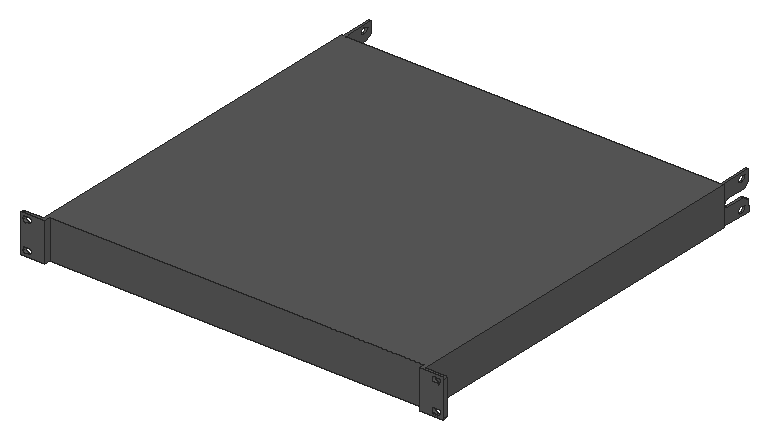
Revit family "D series - 1u", category Communication Devices, Revit 2020
Family settings
  Maintain Annotation Orientation = No
  Round Connector Dimension = Use Diameter
  Part Type = Normal
  Work Plane-Based = No
  Always vertical = Yes
  Cut with Voids When Loaded = No
  Shared = No
  Room Calculation Point = No
Parameters
  Weight (kg) [instance] = 8.3  # constant formula
  Voltage [instance] = "100-240VAC"  # constant formula
  Thermal Load in Standby (BTU/hr) [instance] = 25  # constant formula
  Thermal Load Max (BTU/hr) [instance] = 986  # constant formula
  Model = "D40:4L, D20:4L, D10:4L"
  Manufacturer = "Lab Gruppen"
  Default Elevation = 0 mm
  Current Draw (Max) [instance] = 7.5  # constant formula
Reference planes
  plane 1 "Center (Front/Back)": y = 0
  plane 2: z = 0
  plane 3 "Center (Left/Right)": x = 0
Forms (mm)
  Extrusion 1, solid, material "Aluminium, Black"
    sketch origin (0, 0, 0) x (1, 0, 0) y (0, 0, 1)
      loop
        line (217.6, 0) -> (217.6, 43.6) -> (-217.6, 43.6) -> (-217.6, 0) -> (217.6, 0)
    from -3.7 to -425
  Extrusion 2, solid, material "Aluminium, Black"
    sketch origin (0, 0, 0) x (1, 0, 0) y (0, 0, 1)
      loop
        line (213, 0) -> (239.3, 0)
        arc (239.3, 0) -> (240.714, 0.586) -> (241.3, 2) r 2
        line (241.3, 2) -> (241.3, 41.6)
        arc (241.3, 41.6) -> (240.714, 43.014) -> (239.3, 43.6) r 2
        line (239.3, 43.6) -> (213, 43.6) -> (213, 0)
    from 0 to 3.2
  Extrusion 3, solid, material "Aluminium, Black"
    sketch origin (0, 0, 0) x (1, 0, 0) y (0, 0, 1)
      loop
        line (213, 0) -> (217.6, 0) -> (217.6, 43.6) -> (213, 43.6) -> (213, 0)
    from 0 to -3.7
  Extrusion 4, void
    sketch origin (0, 0, 0) x (1, 0, 0) y (0, 0, 1)
      loop
        arc (231.4, 41.2) -> (227.9, 37.7) -> (231.4, 34.2) r 3.5
        line (231.4, 34.2) -> (234.4, 34.2)
        arc (234.4, 34.2) -> (237.9, 37.7) -> (234.4, 41.2) r 3.5
        line (234.4, 41.2) -> (231.4, 41.2)
    from 0 to 3.2
  Extrusion 5, void
    sketch origin (0, 0, 43.6) x (1, 0, 0) y (0, 0, 1)
      loop
        line (231.4, -41.2) -> (234.4, -41.2)
        arc (234.4, -41.2) -> (237.9, -37.7) -> (234.4, -34.2) r 3.5
        line (234.4, -34.2) -> (231.4, -34.2)
        arc (231.4, -34.2) -> (227.9, -37.7) -> (231.4, -41.2) r 3.5
    from 0 to 3.2
  Extrusion 6, solid, material "Aluminium, Black"
    sketch origin (0, 0, 0) x (-1, 0, 0) y (0, 0, -1)
      loop
        line (213, 0) -> (213, -43.6) -> (239.3, -43.6)
        arc (239.3, -43.6) -> (240.714, -43.014) -> (241.3, -41.6) r 2
        line (241.3, -41.6) -> (241.3, -2)
        arc (241.3, -2) -> (240.714, -0.586) -> (239.3, 0) r 2
        line (239.3, 0) -> (213, 0)
    from 0 to 3.2
  Extrusion 7, solid, material "Aluminium, Black"
    sketch origin (0, 0, 0) x (-1, 0, 0) y (0, 0, -1)
      loop
        line (213, 0) -> (213, -43.6) -> (217.6, -43.6) -> (217.6, 0) -> (213, 0)
    from 0 to -3.7
  Extrusion 8, void
    sketch origin (0, 0, 0) x (-1, 0, 0) y (0, 0, -1)
      loop
        line (231.4, -41.2) -> (234.4, -41.2)
        arc (234.4, -41.2) -> (237.9, -37.7) -> (234.4, -34.2) r 3.5
        line (234.4, -34.2) -> (231.4, -34.2)
        arc (231.4, -34.2) -> (227.9, -37.7) -> (231.4, -41.2) r 3.5
    from 0 to 3.2
  Extrusion 9, void
    sketch origin (0, 0, 43.6) x (-1, 0, 0) y (0, 0, -1)
      loop
        arc (231.4, 41.2) -> (227.9, 37.7) -> (231.4, 34.2) r 3.5
        line (231.4, 34.2) -> (234.4, 34.2)
        arc (234.4, 34.2) -> (237.9, 37.7) -> (234.4, 41.2) r 3.5
        line (234.4, 41.2) -> (231.4, 41.2)
    from 0 to 3.2
  Extrusion 10, solid, material "Aluminium, Black"
    sketch origin (0, 425, 0) x (-1, 0, 0) y (0, 0, 1)
      loop
        line (-216.2, 0) -> (-213.7, 0) -> (-213.7, 43.6) -> (-216.2, 43.6) -> (-216.2, 0)
    from 0 to 36
  Extrusion 11, solid, material "Aluminium, Black"
    sketch origin (0, 425, 0) x (-1, 0, 0) y (0, 0, 1)
      loop
        line (216.2, 0) -> (216.2, 43.6) -> (213.749, 43.6) -> (213.749, 0) -> (216.2, 0)
    from 0 to 36
  Extrusion 12, void
    sketch origin (216.2, 425, 43.6) x (0, 0, -1) y (0, 1, 0)
      loop
        arc (2.4, 25) -> (5.9, 21.5) -> (9.4, 25) r 3.5
        line (9.4, 25) -> (9.4, 28)
        arc (9.4, 28) -> (5.9, 31.5) -> (2.4, 28) r 3.5
        line (2.4, 28) -> (2.4, 25)
    from 0 to -2.5
  Extrusion 13, void
    sketch origin (216.2, 425, 43.6) x (0, 0, -1) y (0, 1, 0)
      loop
        arc (34.2, 25) -> (37.7, 21.5) -> (41.2, 25) r 3.5
        line (41.2, 25) -> (41.2, 28)
        arc (41.2, 28) -> (37.7, 31.5) -> (34.2, 28) r 3.5
        line (34.2, 28) -> (34.2, 25)
    from 0 to -2.5
  Extrusion 14, void
    sketch origin (216.2, 425, 43.6) x (0, 0, -1) y (0, 1, 0)
      loop
        line (30.091, 36) -> (13.509, 36) -> (17.55, 29) -> (17.55, 6)
        arc (17.55, 6) -> (21.8, 1.75) -> (26.05, 6) r 4.25
        line (26.05, 6) -> (26.05, 29) -> (30.091, 36)
    from 0 to -2.5
  Extrusion 15, void
    sketch origin (-216.2, 425, 43.6) x (0, 0, -1) y (0, -1, 0)
      loop
        arc (2.4, -28) -> (5.9, -31.5) -> (9.4, -28) r 3.5
        line (9.4, -28) -> (9.4, -25)
        arc (9.4, -25) -> (5.9, -21.5) -> (2.4, -25) r 3.5
        line (2.4, -25) -> (2.4, -28)
    from 0 to -2.5
  Extrusion 16, void
    sketch origin (-216.2, 425, 43.6) x (0, 0, -1) y (0, -1, 0)
      loop
        arc (34.2, -28) -> (37.7, -31.5) -> (41.2, -28) r 3.5
        line (41.2, -28) -> (41.2, -25)
        arc (41.2, -25) -> (37.7, -21.5) -> (34.2, -25) r 3.5
        line (34.2, -25) -> (34.2, -28)
    from 0 to -2.5
  Extrusion 17, void
    sketch origin (-216.2, 425, 43.6) x (0, 0, -1) y (0, -1, 0)
      loop
        line (13.509, -36) -> (30.091, -36) -> (26.05, -29) -> (26.05, -6)
        arc (26.05, -6) -> (21.8, -1.75) -> (17.55, -6) r 4.25
        line (17.55, -6) -> (17.55, -29) -> (13.509, -36)
    from 0 to -2.5
Cuts and joins
  Extrusion 12, Extrusion 13, Extrusion 14, Extrusion 15, Extrusion 16, Extrusion 17 cuts Extrusion 1
  Extrusion 4, Extrusion 5, Extrusion 8, Extrusion 9, Extrusion 12, Extrusion 13, Extrusion 14, Extrusion 15, Extrusion 16, Extrusion 17 cuts Extrusion 2
  Extrusion 4, Extrusion 5, Extrusion 8, Extrusion 9, Extrusion 12, Extrusion 13, Extrusion 14, Extrusion 15, Extrusion 16, Extrusion 17 cuts Extrusion 3
  Extrusion 8, Extrusion 9, Extrusion 12, Extrusion 13, Extrusion 14, Extrusion 15, Extrusion 16, Extrusion 17 cuts Extrusion 6
  Extrusion 12, Extrusion 13, Extrusion 14, Extrusion 15, Extrusion 16, Extrusion 17 cuts Extrusion 7
  Extrusion 12, Extrusion 13, Extrusion 14, Extrusion 15, Extrusion 16, Extrusion 17 cuts Extrusion 10
  Extrusion 12, Extrusion 13, Extrusion 14, Extrusion 15, Extrusion 16, Extrusion 17 cuts Extrusion 11
  joined: Extrusion 1, Extrusion 2, Extrusion 3, Extrusion 6, Extrusion 7, Extrusion 10, Extrusion 11
Lines and regions (mm)
  Split face 1
    outline origin (213, 3.7, 0) x (1, 0, 0) y (0, 0, 1)
      loop
        line (0, 10.3) -> (-6.2, 10.3)
        arc (-6.2, 10.3) -> (-10.655, 12.145) -> (-12.5, 16.6) r 6.3
        line (-12.5, 16.6) -> (-12.5, 27)
        arc (-12.5, 27) -> (-10.655, 31.455) -> (-6.2, 33.3) r 6.3
        line (-6.2, 33.3) -> (0, 33.3)
  Split face 2
    outline origin (213, 3.7, 0) x (1, 0, 0) y (0, 0, 1)
      loop
        line (-18, 43.6) -> (-18, 0)
  Split face 3
    outline origin (213, 3.7, 0) x (1, 0, 0) y (0, 0, 1)
      loop
        line (-408, 43.6) -> (-408, 0)
  Split face 4
    outline origin (213, 3.7, 0) x (1, 0, 0) y (0, 0, 1)
      loop
        line (-426, 10.3) -> (-419.8, 10.3)
        arc (-419.8, 10.3) -> (-415.345, 12.145) -> (-413.5, 16.6) r 6.3
        line (-413.5, 16.6) -> (-413.5, 27)
        arc (-413.5, 27) -> (-415.345, 31.455) -> (-419.8, 33.3) r 6.3
        line (-419.8, 33.3) -> (-426, 33.3)
  Split face 5
    outline origin (213, 3.7, 0) x (1, 0, 0) y (0, 0, 1)
      loop
        line (-378.411, 27.4) -> (-378.411, 16.2) -> (-323, 16.2) -> (-323, 27.4) -> (-378.411, 27.4)
  Split face 6
    outline origin (213, 3.7, 0) x (1, 0, 0) y (0, 0, 1)
      loop
        line (-103, 27.4) -> (-103, 16.2) -> (-47.619, 16.2) -> (-47.619, 27.4) -> (-103, 27.4)
  Split face 7
    outline origin (213, 3.7, 0) x (1, 0, 0) y (0, 0, 1)
      loop
        line (-293.4, 41) -> (-293.4, 2.6) -> (-132.6, 2.6) -> (-132.6, 41) -> (-293.4, 41)
  Split face 8
    outline origin (213, 3.7, 0) x (1, 0, 0) y (0, 0, 1)
      loop
        arc (-275.15, 38.55) -> (-279.605, 36.705) -> (-281.45, 32.25) r 6.3
        line (-281.45, 32.25) -> (-281.45, 11.35)
        arc (-281.45, 11.35) -> (-279.605, 6.895) -> (-275.15, 5.05) r 6.3
        line (-275.15, 5.05) -> (-150.85, 5.05)
        arc (-150.85, 5.05) -> (-146.395, 6.895) -> (-144.55, 11.35) r 6.3
        line (-144.55, 11.35) -> (-144.55, 32.25)
        arc (-144.55, 32.25) -> (-146.395, 36.705) -> (-150.85, 38.55) r 6.3
        line (-150.85, 38.55) -> (-275.15, 38.55)
  Split face 9
    outline origin (213, 3.7, 0) x (1, 0, 0) y (0, 0, 1)
      loop
        arc (-278.3, 11.5) -> (-277.333, 9.166) -> (-275, 8.2) r 3.3
        line (-275, 8.2) -> (-151, 8.2)
        arc (-151, 8.2) -> (-148.666, 9.167) -> (-147.7, 11.5) r 3.3
        line (-147.7, 11.5) -> (-147.7, 32.1)
        arc (-147.7, 32.1) -> (-148.666, 34.433) -> (-151, 35.4) r 3.3
        line (-151, 35.4) -> (-275.15, 35.4)
        arc (-275.15, 35.4) -> (-277.386, 34.381) -> (-278.3, 32.1) r 3.304
        line (-278.3, 32.1) -> (-278.3, 11.5)
  Split face 10
    outline origin (213, 3.7, 0) x (1, 0, 0) y (0, 0, 1)
      loop
        arc (-267.684, 11.683) -> (-266.751, 9.432) -> (-264.5, 8.499) r 3.184
        line (-264.5, 8.499) -> (-257.5, 8.499)
        arc (-257.5, 8.499) -> (-255.249, 9.432) -> (-254.316, 11.683) r 3.184
        line (-254.316, 11.683) -> (-254.316, 16.183)
        arc (-254.316, 16.183) -> (-255.249, 18.434) -> (-257.5, 19.367) r 3.184
        line (-257.5, 19.367) -> (-264.5, 19.367)
        arc (-264.5, 19.367) -> (-266.754, 18.402) -> (-267.684, 16.132) r 3.235
        line (-267.684, 16.132) -> (-267.684, 11.683)
  Split face 11
    outline origin (213, 3.7, 0.283) x (1, 0, 0) y (0, 0, 1)
      loop
        arc (-242.651, 11.4) -> (-241.719, 9.149) -> (-239.467, 8.216) r 3.184
        line (-239.467, 8.216) -> (-232.468, 8.216)
        arc (-232.468, 8.216) -> (-230.216, 9.149) -> (-229.284, 11.4) r 3.184
        line (-229.284, 11.4) -> (-229.284, 15.9)
        arc (-229.284, 15.9) -> (-230.216, 18.151) -> (-232.468, 19.084) r 3.184
        line (-232.468, 19.084) -> (-239.467, 19.084)
        arc (-239.467, 19.084) -> (-241.722, 18.118) -> (-242.651, 15.849) r 3.235
        line (-242.651, 15.849) -> (-242.651, 11.4)
  Split face 12
    outline origin (213, 3.7, 0.283) x (1, 0, 0) y (0, 0, 1)
      loop
        arc (-223.684, 11.4) -> (-222.751, 9.149) -> (-220.5, 8.216) r 3.184
        line (-220.5, 8.216) -> (-213.5, 8.216)
        arc (-213.5, 8.216) -> (-211.249, 9.149) -> (-210.317, 11.4) r 3.184
        line (-210.317, 11.4) -> (-210.317, 15.9)
        arc (-210.317, 15.9) -> (-211.249, 18.151) -> (-213.501, 19.084) r 3.184
        line (-213.501, 19.084) -> (-220.5, 19.084)
        arc (-220.5, 19.084) -> (-222.754, 18.118) -> (-223.684, 15.849) r 3.235
        line (-223.684, 15.849) -> (-223.684, 11.4)
  Split face 13
    outline origin (213, 3.7, 0.283) x (1, 0, 0) y (0, 0, 1)
      loop
        arc (-204.683, 11.4) -> (-203.751, 9.149) -> (-201.5, 8.216) r 3.184
        line (-201.5, 8.216) -> (-194.5, 8.216)
        arc (-194.5, 8.216) -> (-192.249, 9.149) -> (-191.316, 11.4) r 3.184
        line (-191.316, 11.4) -> (-191.316, 15.9)
        arc (-191.316, 15.9) -> (-192.249, 18.151) -> (-194.5, 19.084) r 3.184
        line (-194.5, 19.084) -> (-201.5, 19.084)
        arc (-201.5, 19.084) -> (-203.754, 18.118) -> (-204.683, 15.849) r 3.235
        line (-204.683, 15.849) -> (-204.683, 11.4)
  Split face 14
    outline origin (213, 3.7, 0.283) x (1, 0, 0) y (0, 0, 1)
      loop
        arc (-185.684, 11.4) -> (-184.751, 9.149) -> (-182.5, 8.216) r 3.184
        line (-182.5, 8.216) -> (-175.5, 8.216)
        arc (-175.5, 8.216) -> (-173.249, 9.149) -> (-172.316, 11.4) r 3.184
        line (-172.316, 11.4) -> (-172.316, 15.9)
        arc (-172.316, 15.9) -> (-173.249, 18.151) -> (-175.5, 19.084) r 3.184
        line (-175.5, 19.084) -> (-182.5, 19.084)
        arc (-182.5, 19.084) -> (-184.754, 18.118) -> (-185.684, 15.849) r 3.235
        line (-185.684, 15.849) -> (-185.684, 11.4)
  Split face 15
    outline origin (213, 3.7, 0) x (1, 0, 0) y (0, 0, 1)
      loop
        arc (-161.366, 11.683) -> (-160.434, 9.432) -> (-158.183, 8.499) r 3.184
        line (-158.183, 8.499) -> (-151.183, 8.499)
        arc (-151.183, 8.499) -> (-148.932, 9.432) -> (-147.999, 11.683) r 3.184
        line (-147.999, 11.683) -> (-147.999, 16.183)
        arc (-147.999, 16.183) -> (-148.932, 18.434) -> (-151.183, 19.367) r 3.184
        line (-151.183, 19.367) -> (-158.183, 19.367)
        arc (-158.183, 19.367) -> (-160.437, 18.402) -> (-161.366, 16.132) r 3.235
        line (-161.366, 16.132) -> (-161.366, 11.683)
  Split face 16
    outline origin (213, 425, 0) x (-1, 0, 0) y (0, 0, 1)
      loop
        arc (383.085, 35.597) -> (378.49, 33.694) -> (376.586, 29.098) r 6.5
        line (376.586, 29.098) -> (376.586, 17.898)
        arc (376.586, 17.898) -> (378.49, 13.302) -> (383.086, 11.398) r 6.5
        line (383.086, 11.398) -> (402.086, 11.398)
        arc (402.086, 11.398) -> (406.696, 13.453) -> (408.586, 18.133) r 6.739
        line (408.586, 18.133) -> (408.586, 29.097)
        arc (408.586, 29.097) -> (406.682, 33.694) -> (402.086, 35.597) r 6.5
        line (402.086, 35.597) -> (383.085, 35.597)
  Split face 17
    outline origin (213, 425, 0) x (-1, 0, 0) y (0, 0, 1)
      loop
        arc (380.386, 18.4) -> (381.353, 16.135) -> (383.633, 15.2) r 3.247
        line (383.633, 15.2) -> (401.586, 15.2)
        arc (401.586, 15.2) -> (403.839, 16.142) -> (404.772, 18.4) r 3.2
        line (404.772, 18.4) -> (404.772, 27) -> (399.972, 31.8) -> (385.2, 31.8) -> (380.386, 27) -> (380.386, 18.4)
  Split face 18
    outline origin (213, 425, 0) x (-1, 0, 0) y (0, 0, 1)
      loop
        line (384.586, 23.6) -> (384.586, 19.6) -> (386.586, 19.6) -> (386.586, 23.6) -> (384.586, 23.6)
  Split face 19
    outline origin (213, 425, 0) x (-1, 0, 0) y (0, 0, 1)
      loop
        line (391.586, 27.6) -> (391.586, 23.6) -> (393.586, 23.6) -> (393.586, 27.6) -> (391.586, 27.6)
  Split face 20
    outline origin (213, 425, 0) x (-1, 0, 0) y (0, 0, 1)
      loop
        line (398.586, 23.6) -> (398.586, 19.6) -> (400.586, 19.6) -> (400.586, 23.6) -> (398.586, 23.6)
  Split face 21
    outline origin (213, 425, 0) x (-1, 0, 0) y (0, 0, 1)
      loop
        line (346.486, 7.1) -> (362.686, 7.1) -> (362.686, 22.9) -> (346.486, 22.9) -> (346.486, 7.1)
  Split face 22
    outline origin (213, 425, 0) x (-1, 0, 0) y (0, 0, 1)
      loop
        line (346.966, 7.6) -> (362.206, 7.6) -> (362.206, 20.4) -> (346.966, 20.4) -> (346.966, 7.6)
  Split face 23
    outline origin (213, 425, 0) x (-1, 0, 0) y (0, 0, 1)
      loop
        line (347.926, 10.31) -> (361.246, 10.31) -> (361.246, 19.28) -> (359.846, 19.28) -> (359.846, 18.454) -> (356.946, 18.454) -> (356.946, 19.28) -> (352.226, 19.28) -> (352.226, 18.454) -> (349.326, 18.454) -> (349.326, 19.28) -> (347.926, 19.28) -> (347.926, 10.31)
  Split face 24
    outline origin (213, 425, 0) x (-1, 0, 0) y (0, 0, 1)
      loop
        line (311.486, 7.1) -> (327.686, 7.1) -> (327.686, 22.9) -> (311.486, 22.9) -> (311.486, 7.1)
  Split face 25
    outline origin (213, 425, 0) x (-1, 0, 0) y (0, 0, 1)
      loop
        line (311.966, 7.6) -> (327.206, 7.6) -> (327.206, 20.4) -> (311.966, 20.4) -> (311.966, 7.6)
  Split face 26
    outline origin (213, 425, 0) x (-1, 0, 0) y (0, 0, 1)
      loop
        line (312.926, 10.31) -> (326.246, 10.31) -> (326.246, 19.28) -> (324.846, 19.28) -> (324.846, 18.454) -> (321.946, 18.454) -> (321.946, 19.28) -> (317.226, 19.28) -> (317.226, 18.454) -> (314.326, 18.454) -> (314.326, 19.28) -> (312.926, 19.28) -> (312.926, 10.31)
  Split face 27
    outline origin (213, 425, 0) x (-1, 0, 0) y (0, 0, 1)
      loop
        line (276.486, 7.1) -> (292.686, 7.1) -> (292.686, 22.9) -> (276.486, 22.9) -> (276.486, 7.1)
  Split face 28
    outline origin (213, 425, 0) x (-1, 0, 0) y (0, 0, 1)
      loop
        line (276.966, 7.6) -> (292.206, 7.6) -> (292.206, 20.4) -> (276.966, 20.4) -> (276.966, 7.6)
  Split face 29
    outline origin (213, 425, 0) x (-1, 0, 0) y (0, 0, 1)
      loop
        line (277.926, 10.31) -> (291.246, 10.31) -> (291.246, 19.28) -> (289.846, 19.28) -> (289.846, 18.454) -> (286.946, 18.454) -> (286.946, 19.28) -> (282.226, 19.28) -> (282.226, 18.454) -> (279.326, 18.454) -> (279.326, 19.28) -> (277.926, 19.28) -> (277.926, 10.31)
  Split face 30
    outline origin (213, 425, 0) x (-1, 0, 0) y (0, 0, 1)
      loop
        line (241.486, 7.1) -> (257.686, 7.1) -> (257.686, 22.9) -> (241.486, 22.9) -> (241.486, 7.1)
  Split face 31
    outline origin (213, 425, 0) x (-1, 0, 0) y (0, 0, 1)
      loop
        line (241.969, 7.6) -> (257.206, 7.6) -> (257.206, 20.4) -> (241.969, 20.4) -> (241.969, 7.6)
  Split face 32
    outline origin (213, 425, 0) x (-1, 0, 0) y (0, 0, 1)
      loop
        line (242.926, 10.31) -> (256.246, 10.31) -> (256.246, 19.28) -> (254.846, 19.28) -> (254.846, 18.454) -> (251.945, 18.454) -> (251.945, 19.28) -> (247.226, 19.28) -> (247.226, 18.454) -> (244.326, 18.454) -> (244.326, 19.28) -> (242.926, 19.28) -> (242.926, 10.31)
  Split face 33
    outline origin (213, 425, 0) x (-1, 0, 0) y (0, 0, 1)
      loop
        line (364.996, 38.5) -> (364.996, 8.5) -> (367.496, 8.5) -> (367.496, 38.5) -> (364.996, 38.5)
  Split face 34
    outline origin (213, 425, 0) x (-1, 0, 0) y (0, 0, 1)
      loop
        line (361.106, 38.5) -> (361.106, 24.4) -> (363.606, 24.4) -> (363.606, 38.5) -> (361.106, 38.5)
  Split face 35
    outline origin (213, 425, 0) x (-1, 0, 0) y (0, 0, 1)
      loop
        line (357.216, 38.5) -> (357.216, 24.4) -> (359.716, 24.4) -> (359.716, 38.5) -> (357.216, 38.5)
  Split face 36
    outline origin (213, 425, 0) x (-1, 0, 0) y (0, 0, 1)
      loop
        line (353.326, 38.5) -> (353.326, 24.4) -> (355.826, 24.4) -> (355.826, 38.5) -> (353.326, 38.5)
  Split face 37
    outline origin (213, 425, 0) x (-1, 0, 0) y (0, 0, 1)
      loop
        line (349.456, 38.5) -> (349.456, 24.4) -> (351.956, 24.4) -> (351.956, 38.5) -> (349.456, 38.5)
  Split face 38
    outline origin (213, 425, 0) x (-1, 0, 0) y (0, 0, 1)
      loop
        line (345.566, 38.5) -> (345.566, 24.4) -> (348.066, 24.4) -> (348.066, 38.5) -> (345.566, 38.5)
  Split face 39
    outline origin (213, 425, 0) x (-1, 0, 0) y (0, 0, 1)
      loop
        line (341.676, 38.5) -> (341.676, 8.5) -> (344.176, 8.5) -> (344.176, 38.5) -> (341.676, 38.5)
  Split face 40
    outline origin (213, 425, 0) x (-1, 0, 0) y (0, 0, 1)
      loop
        line (337.781, 36.5) -> (337.781, 16.5) -> (340.281, 16.5) -> (340.281, 36.5) -> (337.781, 36.5)
  Split face 41
    outline origin (213, 425, 0) x (-1, 0, 0) y (0, 0, 1)
      loop
        line (333.891, 36.5) -> (333.891, 16.5) -> (336.391, 16.5) -> (336.391, 36.5) -> (333.891, 36.5)
  Split face 42
    outline origin (213, 425, 0) x (-1, 0, 0) y (0, 0, 1)
      loop
        line (329.996, 38.5) -> (329.996, 8.5) -> (332.496, 8.5) -> (332.496, 38.5) -> (329.996, 38.5)
  Split face 43
    outline origin (213, 425, 0) x (-1, 0, 0) y (0, 0, 1)
      loop
        line (326.106, 38.5) -> (326.106, 24.4) -> (328.606, 24.4) -> (328.606, 38.5) -> (326.106, 38.5)
  Split face 44
    outline origin (213, 425, 0) x (-1, 0, 0) y (0, 0, 1)
      loop
        line (322.216, 38.5) -> (322.216, 24.4) -> (324.716, 24.4) -> (324.716, 38.5) -> (322.216, 38.5)
  Split face 45
    outline origin (213, 425, 0) x (-1, 0, 0) y (0, 0, 1)
      loop
        line (318.326, 38.5) -> (318.326, 24.4) -> (320.826, 24.4) -> (320.826, 38.5) -> (318.326, 38.5)
  Split face 46
    outline origin (213, 425, 0) x (-1, 0, 0) y (0, 0, 1)
      loop
        line (314.456, 38.5) -> (314.456, 24.4) -> (316.956, 24.4) -> (316.956, 38.5) -> (314.456, 38.5)
  Split face 47
    outline origin (213, 425, 0) x (-1, 0, 0) y (0, 0, 1)
      loop
        line (310.566, 38.5) -> (310.566, 24.4) -> (313.066, 24.4) -> (313.066, 38.5) -> (310.566, 38.5)
  Split face 48
    outline origin (213, 425, 0) x (-1, 0, 0) y (0, 0, 1)
      loop
        line (306.676, 38.5) -> (306.676, 8.5) -> (309.176, 8.5) -> (309.176, 38.5) -> (306.676, 38.5)
  Split face 49
    outline origin (213, 425, 0) x (-1, 0, 0) y (0, 0, 1)
      loop
        line (302.781, 36.5) -> (302.781, 9.8) -> (305.281, 9.8) -> (305.281, 36.5) -> (302.781, 36.5)
  Split face 50
    outline origin (213, 425, 0) x (-1, 0, 0) y (0, 0, 1)
      loop
        line (298.891, 36.5) -> (298.891, 9.8) -> (301.391, 9.8) -> (301.391, 36.5) -> (298.891, 36.5)
  Split face 51
    outline origin (213, 425, 0) x (-1, 0, 0) y (0, 0, 1)
      loop
        line (294.996, 38.5) -> (294.996, 8.5) -> (297.496, 8.5) -> (297.496, 38.5) -> (294.996, 38.5)
  Split face 52
    outline origin (213, 425, 0) x (-1, 0, 0) y (0, 0, 1)
      loop
        line (291.106, 38.5) -> (291.106, 24.4) -> (293.606, 24.4) -> (293.606, 38.5) -> (291.106, 38.5)
  Split face 53
    outline origin (213, 425, 0) x (-1, 0, 0) y (0, 0, 1)
      loop
        line (287.216, 38.5) -> (287.216, 24.4) -> (289.716, 24.4) -> (289.716, 38.5) -> (287.216, 38.5)
  Split face 54
    outline origin (213, 425, 0) x (-1, 0, 0) y (0, 0, 1)
      loop
        line (283.326, 38.5) -> (283.326, 24.4) -> (285.826, 24.4) -> (285.826, 38.5) -> (283.326, 38.5)
  Split face 55
    outline origin (213, 425, 0) x (-1, 0, 0) y (0, 0, 1)
      loop
        line (279.456, 38.5) -> (279.456, 24.4) -> (281.956, 24.4) -> (281.956, 38.5) -> (279.456, 38.5)
  Split face 56
    outline origin (213, 425, 0) x (-1, 0, 0) y (0, 0, 1)
      loop
        line (275.566, 38.5) -> (275.566, 24.4) -> (278.066, 24.4) -> (278.066, 38.5) -> (275.566, 38.5)
  Split face 57
    outline origin (213, 425, 0) x (-1, 0, 0) y (0, 0, 1)
      loop
        line (271.676, 38.5) -> (271.676, 8.5) -> (274.176, 8.5) -> (274.176, 38.5) -> (271.676, 38.5)
  Split face 58
    outline origin (213, 425, 0) x (-1, 0, 0) y (0, 0, 1)
      loop
        line (267.781, 36.5) -> (267.781, 16.5) -> (270.281, 16.5) -> (270.281, 36.5) -> (267.781, 36.5)
  Split face 59
    outline origin (213, 425, 0) x (-1, 0, 0) y (0, 0, 1)
      loop
        line (263.891, 36.5) -> (263.891, 16.5) -> (266.391, 16.5) -> (266.391, 36.5) -> (263.891, 36.5)
  Split face 60
    outline origin (213, 425, 0) x (-1, 0, 0) y (0, 0, 1)
      loop
        line (259.996, 38.5) -> (259.996, 8.5) -> (262.496, 8.5) -> (262.496, 38.5) -> (259.996, 38.5)
  Split face 61
    outline origin (213, 425, 0) x (-1, 0, 0) y (0, 0, 1)
      loop
        line (256.106, 38.5) -> (256.106, 24.4) -> (258.606, 24.4) -> (258.606, 38.5) -> (256.106, 38.5)
  Split face 62
    outline origin (213, 425, 0) x (-1, 0, 0) y (0, 0, 1)
      loop
        line (252.216, 38.5) -> (252.216, 24.4) -> (254.716, 24.4) -> (254.716, 38.5) -> (252.216, 38.5)
  Split face 63
    outline origin (213, 425, 0) x (-1, 0, 0) y (0, 0, 1)
      loop
        line (248.326, 38.5) -> (248.326, 24.4) -> (250.826, 24.4) -> (250.826, 38.5) -> (248.326, 38.5)
  Split face 64
    outline origin (213, 425, 0) x (-1, 0, 0) y (0, 0, 1)
      loop
        line (244.456, 38.5) -> (244.456, 24.4) -> (246.956, 24.4) -> (246.956, 38.5) -> (244.456, 38.5)
  Split face 65
    outline origin (213, 425, 0) x (-1, 0, 0) y (0, 0, 1)
      loop
        line (240.566, 38.5) -> (240.566, 24.4) -> (243.066, 24.4) -> (243.066, 38.5) -> (240.566, 38.5)
  Split face 66
    outline origin (213, 425, 0) x (-1, 0, 0) y (0, 0, 1)
      loop
        line (236.676, 38.5) -> (236.676, 8.5) -> (239.176, 8.5) -> (239.176, 38.5) -> (236.676, 38.5)
  Split face 67
    outline origin (213, 425, 0) x (-1, 0, 0) y (0, 0, 1)
      loop
        line (12.716, 11.3) -> (30.716, 11.3) -> (30.716, 20.3) -> (28.016, 20.3) -> (28.016, 22.8) -> (15.416, 22.8) -> (15.416, 20.3) -> (12.716, 20.3) -> (12.716, 11.3)
  Split face 68
    outline origin (213, 425, 0) x (-1, 0, 0) y (0, 0, 1)
      loop
        arc (14.5, 12.961) -> (16.647, 12.146) -> (18.795, 12.961) r 3.237
        line (18.795, 12.961) -> (19.58, 12.961)
        arc (19.58, 12.961) -> (21.727, 12.146) -> (23.875, 12.961) r 3.237
        line (23.875, 12.961) -> (24.657, 12.961)
        arc (24.657, 12.961) -> (26.805, 12.146) -> (28.952, 12.961) r 3.237
        line (28.952, 12.961) -> (29.737, 12.961) -> (29.737, 18.875) -> (13.695, 18.875) -> (13.695, 12.961) -> (14.5, 12.961)
  Split face 69
    outline origin (213, 425, 0) x (-1, 0, 0) y (0, 0, 1)
      loop
        line (38.816, 11.3) -> (56.816, 11.3) -> (56.816, 20.3) -> (54.116, 20.3) -> (54.116, 22.8) -> (41.516, 22.8) -> (41.516, 20.3) -> (38.816, 20.3) -> (38.816, 11.3)
  Split face 70
    outline origin (213, 425, 0) x (-1, 0, 0) y (0, 0, 1)
      loop
        line (64.916, 11.3) -> (82.916, 11.3) -> (82.916, 20.3) -> (80.216, 20.3) -> (80.216, 22.8) -> (67.616, 22.8) -> (67.616, 20.3) -> (64.916, 20.3) -> (64.916, 11.3)
  Split face 71
    outline origin (213, 425, 0) x (-1, 0, 0) y (0, 0, 1)
      loop
        line (91.016, 11.3) -> (109.016, 11.3) -> (109.016, 20.3) -> (106.316, 20.3) -> (106.316, 22.8) -> (93.716, 22.8) -> (93.716, 20.3) -> (91.016, 20.3) -> (91.016, 11.3)
  Split face 72
    outline origin (213, 425, 0) x (-1, 0, 0) y (0, 0, 1)
      loop
        arc (40.594, 12.961) -> (42.742, 12.146) -> (44.89, 12.961) r 3.237
        line (44.89, 12.961) -> (45.675, 12.961)
        arc (45.675, 12.961) -> (47.822, 12.146) -> (49.97, 12.961) r 3.237
        line (49.97, 12.961) -> (50.752, 12.961)
        arc (50.752, 12.961) -> (52.9, 12.146) -> (55.047, 12.961) r 3.237
        line (55.047, 12.961) -> (55.832, 12.961) -> (55.832, 18.875) -> (39.79, 18.875) -> (39.79, 12.961) -> (40.594, 12.961)
  Split face 73
    outline origin (213, 425, 0) x (-1, 0, 0) y (0, 0, 1)
      loop
        arc (66.694, 12.961) -> (68.842, 12.146) -> (70.989, 12.961) r 3.237
        line (70.989, 12.961) -> (71.774, 12.961)
        arc (71.774, 12.961) -> (73.922, 12.146) -> (76.069, 12.961) r 3.237
        line (76.069, 12.961) -> (76.852, 12.961)
        arc (76.852, 12.961) -> (78.999, 12.146) -> (81.147, 12.961) r 3.237
        line (81.147, 12.961) -> (81.931, 12.961) -> (81.931, 18.875) -> (65.89, 18.875) -> (65.89, 12.961) -> (66.694, 12.961)
  Split face 74
    outline origin (213, 425, 0) x (-1, 0, 0) y (0, 0, 1)
      loop
        arc (92.794, 12.961) -> (94.942, 12.146) -> (97.089, 12.961) r 3.237
        line (97.089, 12.961) -> (97.874, 12.961)
        arc (97.874, 12.961) -> (100.022, 12.146) -> (102.17, 12.961) r 3.237
        line (102.17, 12.961) -> (102.952, 12.961)
        arc (102.952, 12.961) -> (105.099, 12.146) -> (107.247, 12.961) r 3.237
        line (107.247, 12.961) -> (108.031, 12.961) -> (108.031, 18.875) -> (91.99, 18.875) -> (91.99, 12.961) -> (92.794, 12.961)
  Split face 75
    outline origin (213, 425, 0) x (-1, 0, 0) y (0, 0, 1)
      loop
        line (120.816, 11.3) -> (138.816, 11.3) -> (138.816, 20.3) -> (136.116, 20.3) -> (136.116, 22.8) -> (123.516, 22.8) -> (123.516, 20.3) -> (120.816, 20.3) -> (120.816, 11.3)
  Split face 76
    outline origin (213, 425, 0) x (-1, 0, 0) y (0, 0, 1)
      loop
        line (146.916, 11.3) -> (164.916, 11.3) -> (164.916, 20.3) -> (162.216, 20.3) -> (162.216, 22.8) -> (149.616, 22.8) -> (149.616, 20.3) -> (146.916, 20.3) -> (146.916, 11.3)
  Split face 77
    outline origin (213, 425, 0) x (-1, 0, 0) y (0, 0, 1)
      loop
        arc (122.594, 12.961) -> (124.742, 12.146) -> (126.889, 12.961) r 3.237
        line (126.889, 12.961) -> (127.674, 12.961)
        arc (127.674, 12.961) -> (129.822, 12.146) -> (131.97, 12.961) r 3.237
        line (131.97, 12.961) -> (132.752, 12.961)
        arc (132.752, 12.961) -> (134.899, 12.146) -> (137.047, 12.961) r 3.237
        line (137.047, 12.961) -> (137.832, 12.961) -> (137.832, 18.875) -> (121.79, 18.875) -> (121.79, 12.961) -> (122.594, 12.961)
  Split face 78
    outline origin (213, 425, 0) x (-1, 0, 0) y (0, 0, 1)
      loop
        arc (148.694, 12.961) -> (150.842, 12.146) -> (152.99, 12.961) r 3.237
        line (152.99, 12.961) -> (153.774, 12.961)
        arc (153.774, 12.961) -> (155.922, 12.146) -> (158.07, 12.961) r 3.237
        line (158.07, 12.961) -> (158.852, 12.961)
        arc (158.852, 12.961) -> (160.999, 12.146) -> (163.147, 12.961) r 3.237
        line (163.147, 12.961) -> (163.932, 12.961) -> (163.932, 18.875) -> (147.89, 18.875) -> (147.89, 12.961) -> (148.694, 12.961)
  Split face 79
    outline origin (213, 425, 0) x (-1, 0, 0) y (0, 0, 1)
      loop
        arc (204.046, 34.94) -> (206.593, 12.836) -> (209.141, 34.94) r 11.199
        arc (209.141, 34.94) -> (209.468, 35.242) -> (209.909, 35.298) r 0.732
        arc (209.909, 35.298) -> (211.598, 37.687) -> (209.909, 40.075) r 2.534
        arc (209.909, 40.075) -> (206.593, 40.645) -> (203.277, 40.075) r 9.944
        arc (203.277, 40.075) -> (201.588, 37.687) -> (203.277, 35.298) r 2.534
        arc (203.277, 35.298) -> (203.718, 35.242) -> (204.046, 34.94) r 0.732
  Split face 80
    outline origin (213, 425, 0) x (-1, 0, 0) y (0, 0, 1)
      loop
        arc (179.079, 34.94) -> (181.627, 12.836) -> (184.174, 34.94) r 11.199
        arc (184.174, 34.94) -> (184.501, 35.242) -> (184.943, 35.298) r 0.732
        arc (184.943, 35.298) -> (186.631, 37.687) -> (184.943, 40.075) r 2.534
        arc (184.943, 40.075) -> (181.627, 40.645) -> (178.311, 40.075) r 9.944
        arc (178.311, 40.075) -> (176.622, 37.687) -> (178.311, 35.298) r 2.534
        arc (178.311, 35.298) -> (178.752, 35.242) -> (179.079, 34.94) r 0.732
  Split face 81
    outline origin (213, 425, 0) x (-1, 0, 0) y (0, 0, 1)
      loop
        line (179.079, 34.94) -> (179.079, 34.021)
        arc (179.079, 34.021) -> (181.627, 34.341) -> (184.174, 34.021) r 10.306
        line (184.174, 34.021) -> (184.174, 34.94)
  Split face 82
    outline origin (213, 425, 0) x (-1, 0, 0) y (0, 0, 1)
      loop
        line (204.046, 34.94) -> (204.046, 34.021)
        arc (204.046, 34.021) -> (206.593, 34.341) -> (209.141, 34.021) r 10.306
        line (209.141, 34.021) -> (209.141, 34.94)
  Split face 83
    outline origin (213, 425, 0) x (-1, 0, 0) y (0, 0, 1)
      loop
        line (175.786, 27.75) -> (175.786, 20.95) -> (178.386, 20.95) -> (178.386, 18.95) -> (179.836, 18.95) -> (179.836, 17.65) -> (183.536, 17.65) -> (183.536, 18.95) -> (184.986, 18.95) -> (184.986, 20.95) -> (187.586, 20.95) -> (187.586, 27.75) -> (175.786, 27.75)
  Split face 84
    outline origin (213, 425, 0) x (-1, 0, 0) y (0, 0, 1)
      loop
        line (200.786, 27.75) -> (200.786, 20.95) -> (203.386, 20.95) -> (203.386, 18.95) -> (204.836, 18.95) -> (204.836, 17.65) -> (208.536, 17.65) -> (208.536, 18.95) -> (209.986, 18.95) -> (209.986, 20.95) -> (212.586, 20.95) -> (212.586, 27.75) -> (200.786, 27.75)
  Split face 85
    outline origin (213, 3.7, 0) x (1, 0, 0) y (0, 0, 1)
      loop
        circle (-263.98, 30.788) r 0.95
  Split face 86
    outline origin (213, 3.7, 0) x (1, 0, 0) y (0, 0, 1)
      loop
        circle (-263.98, 25.789) r 0.95
  Split face 87
    outline origin (213, 3.7, 0) x (1, 0, 0) y (0, 0, 1)
      loop
        circle (-263.98, 20.788) r 0.95
  Split face 88
    outline origin (213, 3.7, 0) x (1, 0, 0) y (0, 0, 1)
      loop
        circle (-263.98, 15.788) r 0.95
  Split face 89
    outline origin (213, 3.7, 0) x (1, 0, 0) y (0, 0, 1)
      loop
        circle (-238.98, 30.788) r 0.95
  Split face 90
    outline origin (213, 3.7, 0) x (1, 0, 0) y (0, 0, 1)
      loop
        circle (-238.98, 25.789) r 0.95
  Split face 91
    outline origin (213, 3.7, 0) x (1, 0, 0) y (0, 0, 1)
      loop
        circle (-238.98, 20.789) r 0.95
  Split face 92
    outline origin (213, 3.7, 0) x (1, 0, 0) y (0, 0, 1)
      loop
        circle (-219.98, 30.788) r 0.95
  Split face 93
    outline origin (213, 3.7, 0) x (1, 0, 0) y (0, 0, 1)
      loop
        circle (-219.98, 25.789) r 0.95
  Split face 94
    outline origin (213, 3.7, 0) x (1, 0, 0) y (0, 0, 1)
      loop
        circle (-219.98, 20.788) r 0.95
  Split face 95
    outline origin (213, 3.7, 0) x (1, 0, 0) y (0, 0, 1)
      loop
        circle (-200.98, 30.788) r 0.95
  Split face 96
    outline origin (213, 3.7, 0) x (1, 0, 0) y (0, 0, 1)
      loop
        circle (-200.98, 25.789) r 0.95
  Split face 97
    outline origin (213, 3.7, 0) x (1, 0, 0) y (0, 0, 1)
      loop
        circle (-200.98, 20.788) r 0.935
  Split face 98
    outline origin (213, 3.7, 0) x (1, 0, 0) y (0, 0, 1)
      loop
        circle (-181.98, 30.788) r 0.883
  Split face 99
    outline origin (213, 3.7, 0) x (1, 0, 0) y (0, 0, 1)
      loop
        circle (-181.98, 25.789) r 0.875
  Split face 100
    outline origin (213, 3.7, 0) x (1, 0, 0) y (0, 0, 1)
      loop
        circle (-181.98, 20.789) r 0.95
  Split face 101
    outline origin (213, 3.7, 0) x (1, 0, 0) y (0, 0, 1)
      loop
        circle (-238.98, 15.789) r 0.891
  Split face 102
    outline origin (213, 3.7, 0) x (1, 0, 0) y (0, 0, 1)
      loop
        circle (-219.98, 15.789) r 0.95
  Split face 103
    outline origin (213, 3.7, 0) x (1, 0, 0) y (0, 0, 1)
      loop
        circle (-200.98, 15.788) r 0.95
  Split face 104
    outline origin (213, 3.7, 0) x (1, 0, 0) y (0, 0, 1)
      loop
        circle (-181.98, 15.789) r 0.95
  Split face 105
    outline origin (213, 3.7, 0) x (1, 0, 0) y (0, 0, 1)
      loop
        circle (-157.655, 15.788) r 0.95
  Split face 106
    outline origin (213, 425, 0) x (-1, 0, 0) y (0, 0, 1)
      loop
        circle (181.627, 24.035) r 10
  Split face 107
    outline origin (213, 425, 0) x (-1, 0, 0) y (0, 0, 1)
      loop
        circle (206.593, 24.035) r 10
  model lines, detail levels medium+fine
    curve 1: line (-143.911, 3.7, 20.682) -> (-144.163, 3.7, 20.935)
    curve 2: line (-143.911, 3.7, 20.415) -> (-143.911, 3.7, 20.682)
    curve 3: line (-144.163, 3.7, 20.162) -> (-143.911, 3.7, 20.415)
    curve 4: line (-144.409, 3.7, 20.162) -> (-144.163, 3.7, 20.162)
    curve 5: line (-144.661, 3.7, 20.415) -> (-144.409, 3.7, 20.162)
    curve 6: line (-144.661, 3.7, 20.682) -> (-144.661, 3.7, 20.415)
    curve 7: line (-144.409, 3.7, 20.935) -> (-144.661, 3.7, 20.682)
    curve 8: line (-144.163, 3.7, 20.935) -> (-144.409, 3.7, 20.935)
    curve 9: line (-141.549, 3.7, 21.922) -> (-139.426, 3.7, 21.922)
    curve 10: line (-141.635, 3.7, 21.595) -> (-141.635, 3.7, 21.835)
    curve 11: line (-139.834, 3.7, 21.508) -> (-141.549, 3.7, 21.508)
    curve 12: line (-139.921, 3.7, 20.739) -> (-139.789, 3.7, 21.466)
    curve 13: line (-141.184, 3.7, 20.548) -> (-139.921, 3.7, 20.739)
    curve 14: line (-143.105, 3.7, 20.946) -> (-141.184, 3.7, 20.548)
    curve 15: line (-142.989, 3.7, 23.073) -> (-143.105, 3.7, 20.946)
    curve 16: line (-140.579, 3.7, 23.227) -> (-142.989, 3.7, 23.073)
    curve 17: line (-139.942, 3.7, 23.079) -> (-140.579, 3.7, 23.227)
    curve 18: line (-139.833, 3.7, 22.645) -> (-139.942, 3.7, 23.079)
    curve 19: line (-139.429, 3.7, 22.559) -> (-139.739, 3.7, 22.559)
    curve 20: line (-139.444, 3.7, 23.159) -> (-139.345, 3.7, 22.644)
    curve 21: line (-140.128, 3.7, 23.615) -> (-139.444, 3.7, 23.159)
    curve 22: line (-143.54, 3.7, 23.042) -> (-140.128, 3.7, 23.615)
    curve 23: line (-143.546, 3.7, 20.749) -> (-143.54, 3.7, 23.042)
    curve 24: line (-142.893, 3.7, 20.192) -> (-143.546, 3.7, 20.749)
    curve 25: line (-139.375, 3.7, 20.829) -> (-142.893, 3.7, 20.192)
    curve 26: line (-139.317, 3.7, 21.821) -> (-139.375, 3.7, 20.829)
    curve 27: line (-138.876, 3.7, 23.582) -> (-138.876, 3.7, 20.215)
    curve 28: line (-136.755, 3.7, 23.668) -> (-138.789, 3.7, 23.668)
    curve 29: line (-134.917, 3.7, 23.233) -> (-136.755, 3.7, 23.668)
    curve 30: line (-135.39, 3.7, 21.667) -> (-134.917, 3.7, 23.233)
    curve 31: line (-135.029, 3.7, 21.487) -> (-135.39, 3.7, 21.667)
    curve 32: line (-134.87, 3.7, 20.633) -> (-135.029, 3.7, 21.487)
    curve 33: line (-134.87, 3.7, 20.215) -> (-134.87, 3.7, 20.633)
    curve 34: line (-135.255, 3.7, 20.129) -> (-134.956, 3.7, 20.129)
    curve 35: line (-135.342, 3.7, 20.382) -> (-135.342, 3.7, 20.215)
    curve 36: line (-135.342, 3.7, 20.555) -> (-135.342, 3.7, 20.382)
    curve 37: line (-135.363, 3.7, 21.068) -> (-135.342, 3.7, 20.555)
    curve 38: line (-135.74, 3.7, 21.461) -> (-135.363, 3.7, 21.068)
    curve 39: line (-136.668, 3.7, 21.493) -> (-135.74, 3.7, 21.461)
    curve 40: line (-138.317, 3.7, 21.493) -> (-136.668, 3.7, 21.493)
    curve 41: line (-138.404, 3.7, 20.215) -> (-138.404, 3.7, 21.406)
    curve 42: line (-138.789, 3.7, 20.129) -> (-138.49, 3.7, 20.129)
    curve 43: line (-136.755, 3.7, 21.906) -> (-138.317, 3.7, 21.906)
    curve 44: line (-136.582, 3.7, 21.906) -> (-136.755, 3.7, 21.906)
    curve 45: line (-136.331, 3.7, 21.906) -> (-136.582, 3.7, 21.906)
    curve 46: line (-136.158, 3.7, 21.913) -> (-136.331, 3.7, 21.906)
    curve 47: line (-135.363, 3.7, 22.145) -> (-136.158, 3.7, 21.913)
    curve 48: line (-135.459, 3.7, 23.127) -> (-135.363, 3.7, 22.145)
    curve 49: line (-136.668, 3.7, 23.254) -> (-135.459, 3.7, 23.127)
    curve 50: line (-138.317, 3.7, 23.254) -> (-136.668, 3.7, 23.254)
    curve 51: line (-138.404, 3.7, 21.993) -> (-138.404, 3.7, 23.168)
    curve 52: line (-134.306, 3.7, 23.668) -> (-134.007, 3.7, 23.668)
    curve 53: line (-134.392, 3.7, 21.927) -> (-134.392, 3.7, 23.581)
    curve 54: line (-134.355, 3.7, 20.888) -> (-134.392, 3.7, 21.927)
    curve 55: line (-133.756, 3.7, 20.193) -> (-134.355, 3.7, 20.888)
    curve 56: line (-130.885, 3.7, 20.193) -> (-133.756, 3.7, 20.193)
    curve 57: line (-130.243, 3.7, 20.951) -> (-130.885, 3.7, 20.193)
    curve 58: line (-130.216, 3.7, 22.014) -> (-130.243, 3.7, 20.951)
    curve 59: line (-130.216, 3.7, 23.581) -> (-130.216, 3.7, 22.014)
    curve 60: line (-130.601, 3.7, 23.668) -> (-130.303, 3.7, 23.668)
    curve 61: line (-130.687, 3.7, 21.412) -> (-130.688, 3.7, 23.581)
    curve 62: line (-130.8, 3.7, 20.734) -> (-130.687, 3.7, 21.412)
    curve 63: line (-133.58, 3.7, 20.606) -> (-130.8, 3.7, 20.734)
    curve 64: line (-133.92, 3.7, 23.581) -> (-133.58, 3.7, 20.606)
    curve 65: line (-129.717, 3.7, 23.582) -> (-129.717, 3.7, 20.215)
    curve 66: line (-127.074, 3.7, 23.667) -> (-129.631, 3.7, 23.668)
    curve 67: line (-126.066, 3.7, 23.477) -> (-127.074, 3.7, 23.667)
    curve 68: line (-126.045, 3.7, 21.683) -> (-126.066, 3.7, 23.477)
    curve 69: line (-126.857, 3.7, 21.466) -> (-126.045, 3.7, 21.683)
    curve 70: line (-127.478, 3.7, 21.461) -> (-126.857, 3.7, 21.466)
    curve 71: line (-129.158, 3.7, 21.461) -> (-127.478, 3.7, 21.461)
    curve 72: line (-129.245, 3.7, 20.215) -> (-129.245, 3.7, 21.374)
    curve 73: line (-129.631, 3.7, 20.129) -> (-129.332, 3.7, 20.129)
    curve 74: line (-127.478, 3.7, 21.875) -> (-129.158, 3.7, 21.875)
    curve 75: line (-126.406, 3.7, 22.002) -> (-127.478, 3.7, 21.875)
    curve 76: line (-126.396, 3.7, 23.122) -> (-126.406, 3.7, 22.002)
    curve 77: line (-127.478, 3.7, 23.254) -> (-126.396, 3.7, 23.122)
    curve 78: line (-129.158, 3.7, 23.254) -> (-127.478, 3.7, 23.254)
    curve 79: line (-129.245, 3.7, 21.961) -> (-129.245, 3.7, 23.168)
    curve 80: line (-125.451, 3.7, 23.582) -> (-125.451, 3.7, 20.215)
    curve 81: line (-122.808, 3.7, 23.667) -> (-125.364, 3.7, 23.668)
    curve 82: line (-121.8, 3.7, 23.477) -> (-122.808, 3.7, 23.667)
    curve 83: line (-121.78, 3.7, 21.683) -> (-121.8, 3.7, 23.477)
    curve 84: line (-122.591, 3.7, 21.466) -> (-121.78, 3.7, 21.683)
    curve 85: line (-123.212, 3.7, 21.461) -> (-122.591, 3.7, 21.466)
    curve 86: line (-124.893, 3.7, 21.461) -> (-123.212, 3.7, 21.461)
    curve 87: line (-124.979, 3.7, 20.215) -> (-124.979, 3.7, 21.374)
    curve 88: line (-125.364, 3.7, 20.129) -> (-125.066, 3.7, 20.129)
    curve 89: line (-123.212, 3.7, 21.875) -> (-124.893, 3.7, 21.875)
    curve 90: line (-122.14, 3.7, 22.002) -> (-123.212, 3.7, 21.875)
    curve 91: line (-122.13, 3.7, 23.122) -> (-122.14, 3.7, 22.002)
    curve 92: line (-123.212, 3.7, 23.254) -> (-122.13, 3.7, 23.122)
    curve 93: line (-124.893, 3.7, 23.254) -> (-123.212, 3.7, 23.254)
    curve 94: line (-124.979, 3.7, 21.961) -> (-124.979, 3.7, 23.168)
    curve 95: line (-121.174, 3.7, 20.215) -> (-121.174, 3.7, 23.581)
    curve 96: line (-117.79, 3.7, 20.129) -> (-121.087, 3.7, 20.129)
    curve 97: line (-117.703, 3.7, 20.456) -> (-117.703, 3.7, 20.215)
    curve 98: line (-120.615, 3.7, 20.542) -> (-117.79, 3.7, 20.542)
    curve 99: line (-120.702, 3.7, 21.671) -> (-120.702, 3.7, 20.629)
    curve 100: line (-117.923, 3.7, 21.757) -> (-120.615, 3.7, 21.757)
    curve 101: line (-117.837, 3.7, 22.085) -> (-117.837, 3.7, 21.844)
    curve 102: line (-120.615, 3.7, 22.172) -> (-117.923, 3.7, 22.172)
    curve 103: line (-120.702, 3.7, 23.167) -> (-120.702, 3.7, 22.258)
    curve 104: line (-117.795, 3.7, 23.254) -> (-120.615, 3.7, 23.254)
    curve 105: line (-117.709, 3.7, 23.581) -> (-117.709, 3.7, 23.341)
    curve 106: line (-121.087, 3.7, 23.668) -> (-117.795, 3.7, 23.668)
    curve 107: line (-117.283, 3.7, 23.668) -> (-116.671, 3.7, 23.668)
    curve 108: line (-117.369, 3.7, 20.215) -> (-117.369, 3.7, 23.581)
    curve 109: line (-116.984, 3.7, 20.129) -> (-117.283, 3.7, 20.129)
    curve 110: line (-116.897, 3.7, 23.141) -> (-116.897, 3.7, 20.215)
    curve 111: line (-116.73, 3.7, 23.166) -> (-116.897, 3.7, 23.141)
    curve 112: line (-113.769, 3.7, 20.19) -> (-116.73, 3.7, 23.166)
    curve 113: line (-113.621, 3.7, 20.129) -> (-113.769, 3.7, 20.19)
    curve 114: line (-112.993, 3.7, 20.129) -> (-113.621, 3.7, 20.129)
    curve 115: line (-112.907, 3.7, 23.581) -> (-112.907, 3.7, 20.215)
    curve 116: line (-113.292, 3.7, 23.668) -> (-112.993, 3.7, 23.668)
    curve 117: line (-113.379, 3.7, 20.651) -> (-113.379, 3.7, 23.581)
    curve 118: line (-113.552, 3.7, 20.625) -> (-113.379, 3.7, 20.651)
    curve 119: line (-116.523, 3.7, 23.606) -> (-113.552, 3.7, 20.625)
    curve 120: line (-116.671, 3.7, 23.668) -> (-116.523, 3.7, 23.606)
    curve 121: line (-152.217, 3.7, 21.446) -> (-151.309, 3.7, 23.047)
    curve 122: line (-150.359, 3.7, 21.446) -> (-152.217, 3.7, 21.446)
    curve 123: line (-151.259, 3.7, 23.047) -> (-150.359, 3.7, 21.446)
    curve 124: line (-148.977, 3.7, 20.355) -> (-150.789, 3.7, 23.562)
    curve 125: line (-148.973, 3.7, 20.182) -> (-148.977, 3.7, 20.355)
    curve 126: line (-149.126, 3.7, 20.1) -> (-148.973, 3.7, 20.182)
    curve 127: line (-149.459, 3.7, 20.1) -> (-149.126, 3.7, 20.1)
    curve 128: line (-149.689, 3.7, 20.235) -> (-149.459, 3.7, 20.1)
    curve 129: line (-150.004, 3.7, 20.798) -> (-149.689, 3.7, 20.235)
    curve 130: line (-152.56, 3.7, 20.809) -> (-150.022, 3.7, 20.809)
    curve 131: line (-152.893, 3.7, 20.235) -> (-152.578, 3.7, 20.798)
    curve 132: line (-153.123, 3.7, 20.1) -> (-152.893, 3.7, 20.235)
    curve 133: line (-153.466, 3.7, 20.1) -> (-153.123, 3.7, 20.1)
    curve 134: line (-153.615, 3.7, 20.356) -> (-153.466, 3.7, 20.1)
    curve 135: line (-153.358, 3.7, 20.809) -> (-153.615, 3.7, 20.356)
    curve 136: line (-155.493, 3.7, 20.809) -> (-153.358, 3.7, 20.809)
    curve 137: line (-155.698, 3.7, 21.014) -> (-155.493, 3.7, 20.809)
    curve 138: line (-155.698, 3.7, 23.491) -> (-155.698, 3.7, 21.014)
    curve 139: line (-155.493, 3.7, 23.696) -> (-155.698, 3.7, 23.491)
    curve 140: line (-155.21, 3.7, 23.696) -> (-155.493, 3.7, 23.696)
    curve 141: line (-155.005, 3.7, 23.491) -> (-155.21, 3.7, 23.696)
    curve 142: line (-155.005, 3.7, 21.447) -> (-155.005, 3.7, 23.491)
    curve 143: line (-153.009, 3.7, 21.447) -> (-155.005, 3.7, 21.447)
    curve 144: line (-151.797, 3.7, 23.563) -> (-152.99, 3.7, 21.458)
    curve 145: line (-151.568, 3.7, 23.696) -> (-151.797, 3.7, 23.563)
    curve 146: line (-151.019, 3.7, 23.696) -> (-151.568, 3.7, 23.696)
    curve 147: line (-150.789, 3.7, 23.562) -> (-151.019, 3.7, 23.696)
    curve 148: line (-146.739, 3.7, 23.054) -> (-145.805, 3.7, 22.653)
    curve 149: line (-148.393, 3.7, 23.054) -> (-146.739, 3.7, 23.054)
    curve 150: line (-148.393, 3.7, 22.248) -> (-148.393, 3.7, 23.054)
    curve 151: line (-146.739, 3.7, 22.248) -> (-148.393, 3.7, 22.248)
    curve 152: line (-145.922, 3.7, 22.32) -> (-146.739, 3.7, 22.248)
    curve 153: line (-145.805, 3.7, 22.653) -> (-145.922, 3.7, 22.32)
    curve 154: line (-145.189, 3.7, 20.388) -> (-145.333, 3.7, 22.006)
    curve 155: line (-146.739, 3.7, 20.087) -> (-145.189, 3.7, 20.388)
    curve 156: line (-148.119, 3.7, 20.087) -> (-146.739, 3.7, 20.087)
    curve 157: line (-148.21, 3.7, 20.293) -> (-148.119, 3.7, 20.087)
    curve 158: line (-146.739, 3.7, 20.727) -> (-148.21, 3.7, 20.293)
    curve 159: line (-145.767, 3.7, 21.52) -> (-146.739, 3.7, 20.727)
    curve 160: line (-146.739, 3.7, 21.608) -> (-145.767, 3.7, 21.52)
    curve 161: line (-148.395, 3.7, 21.608) -> (-146.739, 3.7, 21.608)
    curve 162: line (-148.395, 3.7, 20.906) -> (-148.395, 3.7, 21.608)
    curve 163: line (-148.987, 3.7, 21.443) -> (-148.395, 3.7, 20.906)
    curve 164: line (-149.088, 3.7, 21.673) -> (-148.987, 3.7, 21.443)
    curve 165: line (-149.088, 3.7, 23.488) -> (-149.088, 3.7, 21.673)
    curve 166: line (-148.882, 3.7, 23.693) -> (-149.088, 3.7, 23.488)
    curve 167: line (-146.821, 3.7, 23.693) -> (-148.882, 3.7, 23.693)
    curve 168: line (-146.655, 3.7, 23.692) -> (-146.821, 3.7, 23.693)
    curve 169: line (-145.963, 3.7, 23.672) -> (-146.655, 3.7, 23.692)
    curve 170: line (-145.211, 3.7, 23.237) -> (-145.963, 3.7, 23.672)
    curve 171: line (-145.333, 3.7, 22.006) -> (-145.211, 3.7, 23.237)
    curve 172: line (-158.19, 3.7, 21.306) -> (-160.422, 3.7, 21.806)
    curve 173: line (-159.535, 3.7, 19.947) -> (-158.183, 3.7, 21.299)
    curve 174: line (-162.573, 3.7, 21.834) -> (-159.535, 3.7, 19.947)
    curve 175: line (-162.414, 3.7, 22.07) -> (-162.573, 3.7, 21.834)
    curve 176: line (-161.198, 3.7, 20.357) -> (-162.414, 3.7, 22.07)
    curve 177: line (-162.095, 3.7, 22.37) -> (-161.171, 3.7, 20.384)
    curve 178: line (-160.783, 3.7, 20.772) -> (-161.988, 3.7, 22.437)
    curve 179: line (-161.686, 3.7, 22.56) -> (-160.757, 3.7, 20.798)
    curve 180: line (-161.526, 3.7, 22.593) -> (-161.686, 3.7, 22.56)
    curve 181: line (-160.368, 3.7, 21.187) -> (-161.526, 3.7, 22.593)
    curve 182: line (-161.225, 3.7, 22.597) -> (-160.342, 3.7, 21.213)
    curve 183: line (-160.947, 3.7, 22.544) -> (-161.225, 3.7, 22.597)
    curve 184: line (-160.422, 3.7, 21.806) -> (-160.947, 3.7, 22.544)
    curve 185: line (-158.19, 3.7, 21.306) -> (-160.422, 3.7, 21.806)
    curve 186: line (-159.535, 3.7, 19.947) -> (-158.183, 3.7, 21.299)
    curve 187: line (-162.573, 3.7, 21.834) -> (-159.535, 3.7, 19.947)
    curve 188: line (-162.414, 3.7, 22.07) -> (-162.573, 3.7, 21.834)
    curve 189: line (-161.198, 3.7, 20.357) -> (-162.414, 3.7, 22.07)
    curve 190: line (-162.095, 3.7, 22.37) -> (-161.171, 3.7, 20.384)
    curve 191: line (-160.783, 3.7, 20.772) -> (-161.988, 3.7, 22.437)
    curve 192: line (-161.686, 3.7, 22.56) -> (-160.757, 3.7, 20.798)
    curve 193: line (-161.526, 3.7, 22.593) -> (-161.686, 3.7, 22.56)
    curve 194: line (-160.368, 3.7, 21.187) -> (-161.526, 3.7, 22.593)
    curve 195: line (-161.225, 3.7, 22.597) -> (-160.342, 3.7, 21.213)
    curve 196: line (-160.947, 3.7, 22.544) -> (-161.225, 3.7, 22.597)
    curve 197: line (-160.422, 3.7, 21.806) -> (-160.947, 3.7, 22.544)
    curve 198: line (-157.802, 3.7, 22.248) -> (-160.839, 3.7, 24.126)
    curve 199: line (-157.962, 3.7, 22.009) -> (-157.802, 3.7, 22.248)
    curve 200: line (-159.179, 3.7, 23.72) -> (-157.962, 3.7, 22.009)
    curve 201: line (-158.282, 3.7, 21.708) -> (-159.205, 3.7, 23.694)
    curve 202: line (-159.593, 3.7, 23.305) -> (-158.389, 3.7, 21.641)
    curve 203: line (-158.691, 3.7, 21.517) -> (-159.62, 3.7, 23.279)
    curve 204: line (-158.851, 3.7, 21.485) -> (-158.691, 3.7, 21.517)
    curve 205: line (-160.008, 3.7, 22.891) -> (-158.851, 3.7, 21.485)
    curve 206: line (-159.152, 3.7, 21.48) -> (-160.035, 3.7, 22.865)
    curve 207: line (-159.43, 3.7, 21.533) -> (-159.152, 3.7, 21.48)
    curve 208: line (-162.192, 3.7, 22.774) -> (-159.43, 3.7, 21.533)
    curve 209: line (-160.839, 3.7, 24.126) -> (-162.192, 3.7, 22.774)
    curve 210: line (-157.802, 3.7, 22.248) -> (-160.839, 3.7, 24.126)
    curve 211: line (-157.962, 3.7, 22.009) -> (-157.802, 3.7, 22.248)
    curve 212: line (-159.179, 3.7, 23.72) -> (-157.962, 3.7, 22.009)
    curve 213: line (-158.282, 3.7, 21.708) -> (-159.205, 3.7, 23.694)
    curve 214: line (-159.593, 3.7, 23.305) -> (-158.389, 3.7, 21.641)
    curve 215: line (-158.691, 3.7, 21.517) -> (-159.62, 3.7, 23.279)
    curve 216: line (-158.851, 3.7, 21.485) -> (-158.691, 3.7, 21.517)
    curve 217: line (-160.008, 3.7, 22.891) -> (-158.851, 3.7, 21.485)
    curve 218: line (-159.152, 3.7, 21.48) -> (-160.035, 3.7, 22.865)
    curve 219: line (-159.43, 3.7, 21.533) -> (-159.152, 3.7, 21.48)
    curve 220: line (-162.192, 3.7, 22.774) -> (-159.43, 3.7, 21.533)
    curve 221: line (-160.839, 3.7, 24.126) -> (-162.192, 3.7, 22.774)
    curve 222: line (-158.183, 3.7, 21.299) -> (-159.535, 3.7, 19.947)
    curve 223: line (-160.947, 3.7, 22.544) -> (-158.19, 3.7, 21.306)
    curve 224: line (-161.225, 3.7, 22.597) -> (-160.947, 3.7, 22.544)
    curve 225: line (-160.342, 3.7, 21.213) -> (-161.225, 3.7, 22.597)
    curve 226: line (-161.526, 3.7, 22.593) -> (-160.368, 3.7, 21.187)
    curve 227: line (-161.686, 3.7, 22.561) -> (-161.526, 3.7, 22.593)
    curve 228: line (-160.757, 3.7, 20.798) -> (-161.686, 3.7, 22.561)
    curve 229: line (-161.988, 3.7, 22.437) -> (-160.783, 3.7, 20.772)
    curve 230: line (-161.171, 3.7, 20.384) -> (-162.095, 3.7, 22.369)
    curve 231: line (-162.414, 3.7, 22.07) -> (-161.198, 3.7, 20.357)
    curve 232: line (-162.573, 3.7, 21.834) -> (-162.414, 3.7, 22.07)
    curve 233: line (-159.535, 3.7, 19.947) -> (-162.573, 3.7, 21.834)
    curve 234: line (-157.802, 3.7, 22.248) -> (-157.962, 3.7, 22.009)
    curve 235: line (-160.839, 3.7, 24.127) -> (-157.802, 3.7, 22.248)
    curve 236: line (-162.192, 3.7, 22.774) -> (-160.839, 3.7, 24.127)
    curve 237: line (-159.43, 3.7, 21.533) -> (-162.192, 3.7, 22.774)
    curve 238: line (-159.152, 3.7, 21.48) -> (-159.43, 3.7, 21.533)
    curve 239: line (-160.035, 3.7, 22.865) -> (-159.152, 3.7, 21.48)
    curve 240: line (-158.851, 3.7, 21.485) -> (-160.008, 3.7, 22.891)
    curve 241: line (-158.691, 3.7, 21.517) -> (-158.851, 3.7, 21.485)
    curve 242: line (-159.62, 3.7, 23.279) -> (-158.691, 3.7, 21.517)
    curve 243: line (-158.389, 3.7, 21.641) -> (-159.593, 3.7, 23.305)
    curve 244: line (-159.205, 3.7, 23.694) -> (-158.282, 3.7, 21.708)
    curve 245: line (-157.962, 3.7, 22.009) -> (-159.179, 3.7, 23.72)
    curve 246: line (116.374, 3.7, 21.848) -> (116.374, 3.7, 22.184)
    curve 247: line (115.523, 3.7, 20.744) -> (116.374, 3.7, 21.848)
    curve 248: line (113.42, 3.7, 20.744) -> (115.523, 3.7, 20.744)
    curve 249: line (113.42, 3.7, 23.306) -> (113.42, 3.7, 20.744)
    curve 250: line (115.591, 3.7, 23.306) -> (113.42, 3.7, 23.306)
    curve 251: line (116.374, 3.7, 22.184) -> (115.591, 3.7, 23.306)
    curve 252: line (113.005, 3.7, 20.381) -> (113.005, 3.7, 23.67)
    curve 253: line (115.469, 3.7, 20.381) -> (113.005, 3.7, 20.381)
    curve 254: line (115.481, 3.7, 23.67) -> (115.469, 3.7, 20.381)
    curve 255: line (113.005, 3.7, 23.67) -> (115.481, 3.7, 23.67)
    curve 256: line (119.486, 3.7, 21.176) -> (119.486, 3.7, 21.416)
    curve 257: line (120.625, 3.7, 20.344) -> (119.486, 3.7, 21.176)
    curve 258: line (121.776, 3.7, 20.344) -> (120.625, 3.7, 20.344)
    curve 259: line (123.008, 3.7, 21.212) -> (121.776, 3.7, 20.344)
    curve 260: line (123.008, 3.7, 21.426) -> (123.008, 3.7, 21.212)
    curve 261: line (121.861, 3.7, 22.234) -> (123.008, 3.7, 21.426)
    curve 262: line (120.633, 3.7, 22.234) -> (121.861, 3.7, 22.234)
    curve 263: line (120.955, 3.7, 23.343) -> (120.633, 3.7, 22.234)
    curve 264: line (121.395, 3.7, 23.343) -> (120.955, 3.7, 23.343)
    curve 265: line (122.542, 3.7, 22.725) -> (121.395, 3.7, 23.343)
    curve 266: line (122.932, 3.7, 22.725) -> (122.542, 3.7, 22.725)
